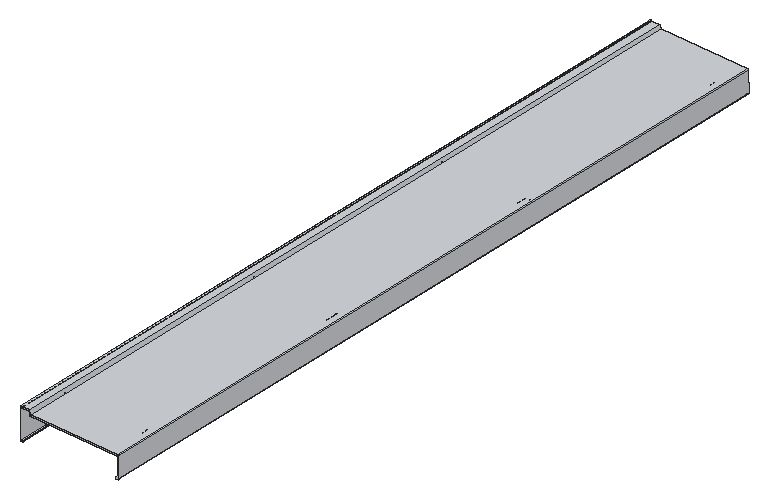
Revit family "ATBB250", category 一般モデル, Revit 2020
Family settings
  鉄筋をホスト可能 = いいえ
  丸型コネクタ寸法 = 直径を使用
  パーツ タイプ = 標準
  作業面ベース = いいえ
  常に垂直 = はい
  ロード時にボイドで切り取り = いいえ
  共有 = いいえ
  部屋計算ポイント = いいえ
Parameters
  笠木長さ [instance] = 2000 mm
  既定の高さ = 0 mm
  定尺笠木長さ = 4000 mm
  固定金具数 [instance] = 4
  判定 [instance] = if(笠木長さ > 4000 mm, 定尺笠木長さ, 笠木長さ)  # 2000 mm
Reference planes
  plane 1 "中心(正面/背面)": y = 0
  plane 2: z = 0
  plane 3 "中心(左/右)": x = 0
  plane 4: y = -2000
  plane 5: y = -100
  plane 6: y = -1900
  plane 7: z = -43
  plane 8: x = -125
  plane 9: x = 125
Forms (mm)
  Extrusion 1, solid
    sketch origin (-426, 0, -475.058) x (1, 0, 0) y (0, 0, 1)
      loop
        arc (301, 432.558) -> (301.146, 432.205) -> (301.5, 432.058) r 0.5
        line (301.5, 432.058) -> (306.8, 432.058)
        arc (306.8, 432.058) -> (307.153, 432.205) -> (307.3, 432.558) r 0.5
        line (307.3, 432.558) -> (307.3, 434.358)
        arc (307.3, 434.358) -> (307.155, 434.71) -> (306.805, 434.858) r 0.5
        line (306.805, 434.858) -> (303.4, 434.858) -> (303.4, 507.47)
        arc (303.4, 507.47) -> (304.024, 508.935) -> (305.52, 509.48) r 2
        line (305.52, 509.48) -> (322.537, 508.46)
        arc (322.537, 508.46) -> (323.742, 507.969) -> (324.39, 506.841) r 2
        line (324.39, 506.841) -> (326.088, 498.249) -> (546.727, 485.01)
        arc (546.727, 485.01) -> (548.058, 484.382) -> (548.6, 483.014) r 2
        line (548.6, 483.014) -> (548.6, 434.858) -> (545.195, 434.858)
        arc (545.195, 434.858) -> (544.845, 434.71) -> (544.7, 434.358) r 0.5
        line (544.7, 434.358) -> (544.7, 432.558)
        arc (544.7, 432.558) -> (544.846, 432.205) -> (545.2, 432.058) r 0.5
        line (545.2, 432.058) -> (550.5, 432.058)
        arc (550.5, 432.058) -> (550.854, 432.205) -> (551, 432.558) r 0.5
        line (551, 432.558) -> (551, 485.174)
        arc (551, 485.174) -> (550.47, 486.53) -> (549.162, 487.168) r 2
        line (549.162, 487.168) -> (328, 500.438) -> (326, 510.556) -> (303.159, 511.926)
        arc (303.159, 511.926) -> (301.643, 511.402) -> (301, 509.932) r 2
        line (301, 509.932) -> (301, 432.558)
    from 0 to 2000
  Extrusion 2, solid, not visible
    sketch origin (-49.833, 0, -94.556) x (1, 0, 0) y (0, 0, 1)
      loop
        arc (301, 432.558) -> (301.146, 432.205) -> (301.5, 432.058) r 0.5
        line (301.5, 432.058) -> (306.8, 432.058)
        arc (306.8, 432.058) -> (307.153, 432.205) -> (307.3, 432.558) r 0.5
        line (307.3, 432.558) -> (307.3, 434.358)
        arc (307.3, 434.358) -> (307.155, 434.71) -> (306.805, 434.858) r 0.5
        line (306.805, 434.858) -> (303.4, 434.858) -> (303.4, 507.47)
        arc (303.4, 507.47) -> (304.024, 508.935) -> (305.52, 509.48) r 2
        line (305.52, 509.48) -> (322.537, 508.46)
        arc (322.537, 508.46) -> (323.742, 507.969) -> (324.39, 506.841) r 2
        line (324.39, 506.841) -> (326.088, 498.249) -> (546.727, 485.01)
        arc (546.727, 485.01) -> (548.058, 484.382) -> (548.6, 483.014) r 2
        line (548.6, 483.014) -> (548.6, 434.858) -> (545.195, 434.858)
        arc (545.195, 434.858) -> (544.845, 434.71) -> (544.7, 434.358) r 0.5
        line (544.7, 434.358) -> (544.7, 432.558)
        arc (544.7, 432.558) -> (544.846, 432.205) -> (545.2, 432.058) r 0.5
        line (545.2, 432.058) -> (550.5, 432.058)
        arc (550.5, 432.058) -> (550.854, 432.205) -> (551, 432.558) r 0.5
        line (551, 432.558) -> (551, 485.174)
        arc (551, 485.174) -> (550.47, 486.53) -> (549.162, 487.168) r 2
        line (549.162, 487.168) -> (328, 500.438) -> (326, 510.556) -> (303.159, 511.926)
        arc (303.159, 511.926) -> (301.643, 511.402) -> (301, 509.932) r 2
        line (301, 509.932) -> (301, 432.558)
    from 0 to 250
Dimensions and locks
  "笠木長さ": plane 4 to plane 1 "中心(正面/背面)"
  locked: plane 5 to plane 1 "中心(正面/背面)" at 100
  locked: plane 6 to plane 4 at 100
  locked: plane 7 to plane 2 at 43
  locked: plane 8 to plane 3 "中心(左/右)" at 125
  plane 9 to plane 3 "中心(左/右)" = 125 mm
  plane 8 to plane 9 = 250 mm
  "判定": Extrusion 1 to plane 1 "中心(正面/背面)"
  locked: nested 1 to plane 1 "中心(正面/背面)" at 75
  equal spacing: group 2, group 4, group 5, group 3  (x2)
  equal spacing: group 3, group 5, group 4, group 2
  locked: nested 2 to plane 6 at 25
  aligned and locked: level to plane 2
  aligned and locked: plane 8 to Extrusion 1
  aligned and locked: plane 7 to Extrusion 1
  aligned and locked: plane 4 to Extrusion 1
Automatic sketch dimensions
  plane 8 to Extrusion 1 sketch curve = 0 mm
  Extrusion 1 sketch curve to plane 7 = 0 mm  (x2)
  Extrusion 1 sketch curve to plane 8 = 0.5 mm  (x2)
  Extrusion 1 sketch curve to plane 8 = 2 mm
  Extrusion 1 sketch curve to Extrusion 1 sketch curve = 0.16 mm
  Extrusion 1 sketch curve to plane 8 = 2.4 mm
  Extrusion 1 sketch curve to Extrusion 1 sketch curve = 2 mm
  Extrusion 1 sketch curve to Extrusion 1 sketch curve = 3.4 mm
  Extrusion 1 sketch curve to plane 7 = 0.5 mm  (x4)
  Extrusion 1 sketch curve to Extrusion 1 sketch curve = 0 mm  (x27)
  Extrusion 1 sketch curve to Extrusion 1 sketch curve = 0.005 mm  (x2)
  Extrusion 1 sketch curve to Extrusion 1 sketch curve = 17.026 mm
  Extrusion 1 sketch curve to Extrusion 1 sketch curve = 0.111 mm
  Extrusion 1 sketch curve to Extrusion 1 sketch curve = 1.964 mm
  Extrusion 1 sketch curve to Extrusion 1 sketch curve = 3.463 mm
  Extrusion 1 sketch curve to Extrusion 1 sketch curve = 1.698 mm
  Extrusion 1 sketch curve to Extrusion 1 sketch curve = 1.912 mm
  Extrusion 1 sketch curve to plane 7 = 2.8 mm  (x2)
  plane 9 to Extrusion 1 sketch curve = 5.805 mm
  plane 9 to Extrusion 1 sketch curve = 4.4 mm
  Extrusion 1 sketch curve to Extrusion 1 sketch curve = 0.127 mm
  plane 9 to Extrusion 1 sketch curve = 2.4 mm
  plane 9 to Extrusion 1 sketch curve = 2 mm
  plane 9 to Extrusion 1 sketch curve = 1.838 mm
  plane 9 to Extrusion 1 sketch curve = 0.5 mm  (x2)
  Extrusion 1 sketch curve to Extrusion 1 sketch curve = 0.5 mm  (x4)
  Extrusion 1 sketch curve to Extrusion 1 sketch curve = 1.8 mm
  level to Extrusion 1 sketch curve = 7.955 mm
  Extrusion 1 sketch curve to Extrusion 1 sketch curve = 1.996 mm
  Extrusion 1 sketch curve to Extrusion 1 sketch curve = 2.16 mm
  Extrusion 1 sketch curve to Extrusion 1 sketch curve = 1.993 mm
  level to Extrusion 1 sketch curve = 23.191 mm
  Extrusion 1 sketch curve to Extrusion 1 sketch curve = 2.189 mm
  Extrusion 1 sketch curve to Extrusion 1 sketch curve = 6.025 mm
  Extrusion 1 sketch curve to Extrusion 1 sketch curve = 0.378 mm
  Extrusion 1 sketch curve to Extrusion 1 sketch curve = 1.008 mm
  Extrusion 1 sketch curve to Extrusion 1 sketch curve = 0.013 mm
  Extrusion 1 sketch curve to Extrusion 1 sketch curve = 2.462 mm
  Extrusion 1 sketch curve to Extrusion 1 sketch curve = 2.096 mm
  Extrusion 1 sketch curve to Extrusion 1 sketch curve = 1.994 mm
  Extrusion 1 sketch curve to plane 8 = 0 mm
  Extrusion 1 sketch curve to Extrusion 1 sketch curve = 0.12 mm
  Extrusion 1 sketch curve to plane 9 = 0 mm
Nested families
  nested 1: "ATAF250" at (0, -75, 0), type "ATAF250"
  nested 2: "ATAF250" at (0, -1875, 0), type "ATAF250"
  nested 3: "ATAF250" at (0, -675, 0), type "ATAF250"
  nested 4: "ATAF250" at (0, -1275, 0), type "ATAF250"
Definition of nested family "ATAF250"
  Parameters
    Default Elevation = 0 mm
  Reference planes
    plane 1 "中心(正面/背面)": y = 0
    plane 2: z = 0
    plane 3 "中心(左/右)": x = 0
  Forms (mm)
    Extrusion 1, solid
      sketch origin (-426, 0, -474.158) x (1, 0, 0) y (0, 0, 1)
        loop
          line (302.8, 439.832) -> (302.8, 434.858) -> (304.603, 434.858) -> (315.349, 489.377)
          arc (315.349, 489.377) -> (316.858, 491.792) -> (319.592, 492.591) r 4
          line (319.592, 492.591) -> (330.999, 491.678)
          arc (330.999, 491.678) -> (332.637, 490.882) -> (333.3, 489.186) r 2.5
          line (333.3, 489.186) -> (333.3, 474.158) -> (523.6, 474.158) -> (523.6, 477.831)
          arc (523.6, 477.831) -> (524.39, 479.654) -> (526.26, 480.326) r 2.5
          line (526.26, 480.326) -> (535.147, 479.793)
          arc (535.147, 479.793) -> (537.501, 478.833) -> (538.801, 476.648) r 4
          line (538.801, 476.648) -> (547.2, 437.836) -> (547.2, 434.858) -> (549.2, 434.858) -> (549.195, 441.886) -> (541.2, 483.838) -> (519.693, 485.127) -> (519.2, 484.085) -> (519.2, 481.028)
          arc (519.2, 481.028) -> (518.589, 479.589) -> (517.13, 479.029) r 2
          line (517.13, 479.029) -> (499.195, 479.658) -> (482.554, 479.658) -> (459.13, 479.618) -> (455.656, 477.658) -> (436, 477.658) -> (436, 479.658) -> (434.5, 479.658) -> (434.5, 477.658) -> (426.9, 477.658) -> (426.9, 488.391) -> (436, 487.845) -> (436, 489.648) -> (426.018, 490.247) -> (416, 490.848) -> (416, 489.045) -> (425.1, 488.499) -> (425.1, 477.658) -> (417.5, 477.658) -> (417.5, 479.658) -> (416, 479.658) -> (416, 477.657) -> (396.195, 477.698) -> (392.72, 479.658) -> (363.087, 479.658) -> (352.793, 479.658) -> (339.893, 479.06)
          arc (339.893, 479.06) -> (338.419, 479.611) -> (337.8, 481.057) r 2
          line (337.8, 481.057) -> (337.795, 490.185) -> (336.8, 495.628) -> (312.8, 497.548) -> (302.8, 439.832)
      from 0 to 50
    Extrusion 2, solid, not visible
      sketch origin (8.333, 0, -92.222) x (1, 0, 0) y (0, 0, 1)
        loop
          line (302.8, 439.832) -> (302.8, 434.858) -> (304.603, 434.858) -> (315.349, 489.377)
          arc (315.349, 489.377) -> (316.858, 491.792) -> (319.592, 492.591) r 4
          line (319.592, 492.591) -> (330.999, 491.678)
          arc (330.999, 491.678) -> (332.637, 490.882) -> (333.3, 489.186) r 2.5
          line (333.3, 489.186) -> (333.3, 474.158) -> (523.6, 474.158) -> (523.6, 477.831)
          arc (523.6, 477.831) -> (524.39, 479.654) -> (526.26, 480.326) r 2.5
          line (526.26, 480.326) -> (535.147, 479.793)
          arc (535.147, 479.793) -> (537.501, 478.833) -> (538.801, 476.648) r 4
          line (538.801, 476.648) -> (547.2, 437.836) -> (547.2, 434.858) -> (549.2, 434.858) -> (549.195, 441.886) -> (541.2, 483.838) -> (519.693, 485.127) -> (519.2, 484.085) -> (519.2, 481.028)
          arc (519.2, 481.028) -> (518.589, 479.589) -> (517.13, 479.029) r 2
          line (517.13, 479.029) -> (499.195, 479.658) -> (482.554, 479.658) -> (459.13, 479.618) -> (455.656, 477.658) -> (436, 477.658) -> (436, 479.658) -> (434.5, 479.658) -> (434.5, 477.658) -> (426.9, 477.658) -> (426.9, 488.391) -> (436, 487.845) -> (436, 489.648) -> (426.018, 490.247) -> (416, 490.848) -> (416, 489.045) -> (425.1, 488.499) -> (425.1, 477.658) -> (417.5, 477.658) -> (417.5, 479.658) -> (416, 479.658) -> (416, 477.657) -> (396.195, 477.698) -> (392.72, 479.658) -> (363.087, 479.658) -> (352.793, 479.658) -> (339.893, 479.06)
          arc (339.893, 479.06) -> (338.419, 479.611) -> (337.8, 481.057) r 2
          line (337.8, 481.057) -> (337.795, 490.185) -> (336.8, 495.628) -> (312.8, 497.548) -> (302.8, 439.832)
      from 0 to 50
  Lines and regions (mm)
    reference lines
      curve 1: line (0, 0, -39.3) -> (0, 0, 16.09)
    reference lines, not visible
      curve 2: line (434.333, 0, 342.636) -> (434.333, 0, 398.026)
  Dimensions and locks
    aligned and locked: level to plane 2
    aligned and locked: Extrusion 1 to level
    aligned and locked: plane 3 "中心(左/右)" to curve 1
